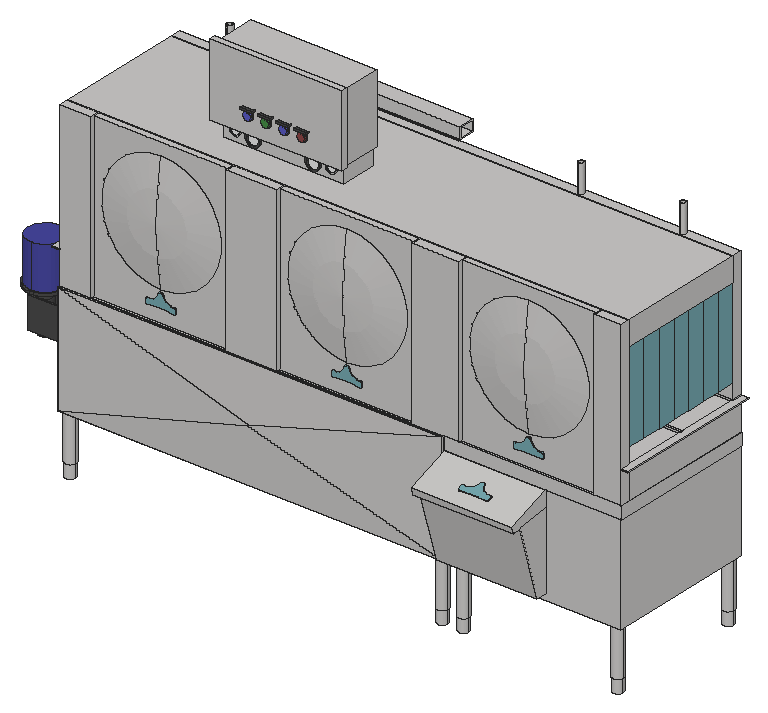
Revit family
Parameters (values of type "208/60/3")
  Width = 7' - 9 1/2"  # constant formula
  Weight in Pounds = 1750
  Watts = 25000 W
  Watermarked By = "http://revitwatermark.com"
  Waste Water Discharge Temperature [instance] = -459.67 °F
  Volts = 208 V
  Ventilation Remarks [instance] = ""
  URL Cutsheet = ""
  URL = "www.stero.com"
  Total Height = 5' - 10 1/2"
  Table Height = 2' - 10"
  Swing Doors [instance] = no
  Status [instance] = ""
  Standard Doors [instance] = not(Swing Doors)  # yes
  Specification by User [instance] = ""
  Specification by Manufacturer = ""
  Single Door Opening [instance] = if(Swing Doors, 2' 0", 1' 10 1/2")  # 1' - 10 1/2"
  Serial Number [instance] = ""
  Seismic Rating [instance] = ""
  SMACNA No [instance] = ""
  Right Ventilation Remarks [instance] = ""
  Right Vent [instance] = no
  Right Exhaust Volume [instance] = if(Right Vent, 200 CFM, 0 CFM)  # 0 CFM
  Right Exhaust Vent Width = 0' - 3 7/8"
  Right Exhaust Vent Text = "Vent, Load End"  # constant formula
  Right Exhaust Vent Depth = 2' - 0 7/8"
  Right Exhaust Static Press = 0.00 in-wg
  Right Exhaust RI Height [instance] = 0' - 0"
  Right Exhaust Item Number [instance] = "-"
  Right Drain [instance] = no
  Revision Code [instance] = ""
  Plumbing Remarks [instance] = ""
  Plumbing Connection Type [instance] = ""
  Phase = 3
  Number of Poles [instance] = 1
  NAFEM Spec ID Number [instance] = ""
  Model = "ER-94S"
  Masterspec = ""
  Manufacturer = "Stero"
  Machine Height = 4' - 7 1/2"
  Left Vent [instance] = no
  Left Drain [instance] = not(Right Drain)  # yes
  Item Number [instance] = "-"
  Installed By [instance] = ""
  Indirect Waste Size = 2"
  Indirect Waste Flow [instance] = 0.00 GPM
  Indirect Waste Connection Type [instance] = ""
  Indirect Waste Connection Height = 0' - 6"
  Hot Water Usage Rack = "- Gal/Rack"
  Hot Water Usage = "120.6 GPH"
  Hot Water Temperature = 180 °F
  Hot Water Size = 3/4"
  Hot Water RI Height [instance] = 0' - 0"
  Hot Water Minimum Pressure = 20.00 psi
  Hot Water Maximum Pressure = 20.00 psi
  Hot Water Flow = 2.01 GPM
  Hot Water Consumption = 2.01 GPM
  Hot Water Connection Height = 5' - 0"
  HP = "5.25"
  Furnished By [instance] = ""
  Foodservice Equipment Identifier [instance] = yes
  FL Amps = 87.4 A
  Exhaust Volume [instance] = if(Left Vent, 400 CFM, 0 CFM)  # 0 CFM
  Exhaust Vent Width = 0' - 3 7/8"
  Exhaust Vent Text = "Vent, Unload End"  # constant formula
  Exhaust Vent Depth = 2' - 0 7/8"
  Exhaust Static Press = 0.00 in-wg
  Exhaust RI Height [instance] = 0' - 0"
  Electrical Remarks [instance] = ""
  Electric Connection Type [instance] = ""
  Elec Conn RI Height [instance] = 0' - 0"
  Elec Conn Connection Height = 5' - 8 1/2"
  Description = "Dishwasher, Conveyor"
  Depth = 2' - 1"
  Cycle = 60 Hz
  Conn Conduit = yes
  Cold Water Temperature Recommended [instance] = -459.67 °F
  Cold Water Size = 3/4"
  Cold Water RI Height [instance] = 0' - 0"
  Cold Water Minimum Pressure [instance] = 0.00 psi
  Cold Water Maximum Pressure [instance] = 0.00 psi
  Cold Water Flow [instance] = 0.00 GPM
  Cold Water Consumption [instance] = ""
  Cold Water Connection Height = 5' - 0"
  CSI MasterFormat = "11 48 13"
  Building Plumbing Remarks [instance] = ""
  Building Hot Water Temperature = 140 °F
  Building Hot Water Size = 3/4"
  Building Hot Water RI Height [instance] = 0' - 0"
  Building Hot Water Minimum Pressure [instance] = 20.00 psi
  Building Hot Water Maximum Pressure [instance] = 20.00 psi
  Building Hot Water Flow [instance] = 0.00 GPM
  Building Hot Water Consumption [instance] = 2.00 GPM
  Building Hot Water Connection Height = 5' - 0"
  Building HW Item Number [instance] = "-"
  Assembly Code = "E1090320"
  Apparent Power = if(Phase = 3, Volts * FL Amps * 1.73, Volts * FL Amps)  # 31450 VA
Reference planes (in)
  plane 1: z = 0
  plane 2 "LEFT": x = 2.32772
  plane 3 "BACK": y = -48.15916
  plane 4 "TOP": z = 70.5
  plane 5 "Right of Main Body": x = 66.32772
  plane 6 "FRONT": y = -73.15916
  plane 7 "Left of Top": x = 2.57772
  plane 8 "Right of Top": x = 66.07772
  plane 9 "Left of Ledge": x = 1.07772
  plane 10 "Left End Cowl": x = -7.67228
  plane 11: x = -0.73478
  plane 12 "Bottom of Machine": z = 10
  plane 13 "Table Height": z = 34
  plane 14 "Top of Machine": z = 55.5
  plane 15 "Panel Top": z = 28.5
  plane 16: z = 12
  plane 17: y = -73.65916
  plane 18: y = -47.65916
  plane 19: x = 2.07772
  plane 20: y = -49.78416
  plane 21: y = -71.53416
  plane 22 "Door Center": x = 34.32772
  plane 23: x = 7.57772
  plane 24: x = 30.07772
  plane 25 "Top of Opening": z = 51.5
  plane 26: z = 2.25
  plane 27: x = 24.32772
  plane 28: x = 44.32772
  plane 29: x = 23.32772
  plane 30: x = 45.32772
  plane 31 "Front of Lower Panel": y = -66.5
  plane 32: y = -60.5
  plane 33: y = -67.15916
  plane 34 "Back of Panel": y = -60.15916
  plane 35 "Front of Upper Panel": y = -68.15916
  plane 36: x = 23.82772
  plane 37: x = 44.82772
  plane 38: x = -7.54728
  plane 39: x = -4.60978
  plane 40: y = -48.22166
  plane 41: y = -73.09666
  plane 42 "Top of Vents": z = 59.5
  plane 43: x = 19.82772
  plane 44: x = 48.82772
  plane 45: y = -45.15916
  plane 46: z = 57.5
  plane 47: y = -43.15916
  plane 48: z = 84.5
  plane 49: x = 38.57772
  plane 50: x = 61.07772
  plane 51: x = 105.82772
  plane 52: x = 98.89022
  plane 53: x = 105.70272
  plane 54: x = 102.76522
  plane 55 "RIGHT": x = 95.82772
  plane 56: x = 95.57772
  plane 57: x = 97.07772
  plane 58: x = 96.07772
  plane 59: x = 68.89022
  plane 60: x = 91.39022
  plane 61 "Drain": y = -51.15916
  plane 62: x = 83.32772
  plane 63: x = 7.82772
  plane 64: x = 29.95272
  plane 65: x = 28.64022
  plane 66: x = 38.70272
  plane 67: x = 40.01522
  plane 68: x = 60.82772
  plane 69: x = 69.01522
  plane 70: x = 70.32772
  plane 71: x = 91.14022
Forms (in)
  Extrusion 1, solid, material "QF_Finishes_Stainless Steel"
    sketch origin (0, 0, 10) x (0, 1, 0) y (-1, 0, 0)
      loop
        line (-47.65916, -2.07772) -> (-73.15916, -2.07772) -> (-73.15916, -66.57772) -> (-47.65916, -66.57772) -> (-47.65916, -2.07772)
    from 0 to 2
  Extrusion 2, solid, material "QF_Finishes_Stainless Steel"
    sketch origin (0, 0, 28.5) x (0, 1, 0) y (-1, 0, 0)
      loop
        line (-48.15916, -2.32772) -> (-73.15916, -2.32772) -> (-73.15916, -66.32772) -> (-48.15916, -66.32772) -> (-48.15916, -2.32772)
    from 0 to -16.5
  Extrusion 3, solid, material "QF_Finishes_Stainless Steel"
    sketch origin (0, 0, 34) x (0, 1, 0) y (-1, 0, 0)
      loop
        line (-48.15916, -2.32772) -> (-48.15916, -1.07772) -> (-73.15916, -1.07772) -> (-73.15916, -2.32772) -> (-48.15916, -2.32772)
    from 0 to -0.125
  Extrusion 4, solid, material "QF_Finishes_Stainless Steel"
    sketch origin (21.5, 0, 34) x (0, 1, 0) y (-1, 0, 0)
      loop
        line (-48.15916, -74.32772) -> (-73.15916, -74.32772) -> (-73.15916, -75.57772) -> (-48.15916, -75.57772) -> (-48.15916, -74.32772)
    from 0 to -0.125
  Extrusion 5, solid, material "QF_Finishes_Stainless Steel"
    sketch origin (0, 0, 34) x (0, 1, 0) y (-1, 0, 0)
      loop
        line (-48.15916, -2.32772) -> (-71.53416, -2.32772) -> (-71.53416, -95.82772) -> (-48.15916, -95.82772) -> (-48.15916, -2.32772)
    from -0.25 to -5.5
  Extrusion 6, solid, material "QF_Finishes_Stainless Steel"
    sketch origin (0, 0, 34) x (0, 1, 0) y (-1, 0, 0)
      loop
        line (-60.25, -2.32772) -> (-60.75, -2.32772) -> (-60.75, -95.82772) -> (-60.25, -95.82772) -> (-60.25, -2.32772)
      loop
        line (-48.15916, -2.32772) -> (-49.78416, -2.32772) -> (-49.78416, -95.82772) -> (-48.15916, -95.82772) -> (-48.15916, -2.32772)
    from 0 to -0.25
  Extrusion 7, solid, material "QF_Finishes_Stainless Steel"
    sketch origin (0, 0, 55.5) x (0, 1, 0) y (-1, 0, 0)
      loop
        line (-49.78416, -2.32772) -> (-71.53416, -2.32772) -> (-71.53416, -95.82772) -> (-49.78416, -95.82772) -> (-49.78416, -2.32772)
    from 0 to -4
  Extrusion 8, solid, material "QF_Finishes_Stainless Steel"
    sketch origin (0, 0, 55.5) x (0, 1, 0) y (-1, 0, 0)
      loop
        line (-48.15916, -2.32772) -> (-49.78416, -2.32772) -> (-49.78416, -95.82772) -> (-48.15916, -95.82772) -> (-48.15916, -2.32772)
    from 0 to -21.5
  Extrusion 9, solid, material "QF_Finishes_Stainless Steel"
    sketch origin (0, -73.15916, 0) x (-1, 0, 0) y (0, 0, 1)
      loop
        line (-2.32772, 55.5) -> (-7.57772, 55.5) -> (-7.57772, 28.5) -> (-2.32772, 28.5) -> (-2.32772, 55.5)
    from 0 to 1.625
  Blend 10, solid, material "QF_Finishes_Stainless Steel"
    base sketch origin (-15.01335, -74, 48) x (-1, 0, 0) y (0, 0, 1)
      loop
        line (-17.34107, -19.5) -> (-81.34107, -19.5) -> (-81.34107, -38) -> (-17.34107, -38) -> (-17.34107, -19.5)
    top sketch origin (-15.01335, -74, 48) x (-1, 0, 0) y (0, 0, 1)
      loop
        line (-49.37232, -28.71875) -> (-49.37232, -28.78125) -> (-49.30982, -28.78125) -> (-49.30982, -28.71875) -> (-49.37232, -28.71875)
    from 0.5 to 0
  Extrusion 11, solid, material "QF_Finishes_Stainless Steel"
    sketch origin (0, 0, 10) x (0, 1, 0) y (-1, 0, 0)
      loop
        line (-73.15916, -2.32772) -> (-73.5, -2.32772) -> (-73.5, -66.32772) -> (-73.15916, -66.32772) -> (-73.15916, -2.32772)
    from 0 to 18.5
  Extrusion 12, solid, material "QF_Finishes_Stainless Steel"
    sketch origin (0, -73.15916, 0) x (-1, 0, 0) y (0, 0, 1)
      loop
        line (-61.07772, 55.5) -> (-68.89022, 55.5) -> (-68.89022, 28.5) -> (-61.07772, 28.5) -> (-61.07772, 55.5)
    from 0 to 1.625
  Extrusion 13, solid, material "QF_Finishes_Stainless Steel", visible <- "Standard Doors"
    sketch origin (-15.5, 0, 55.5) x (0, 1, 0) y (-1, 0, 0)
      loop
        line (-71.53416, -23.07772) -> (-72.65916, -23.07772) -> (-72.65916, -45.57772) -> (-71.53416, -45.57772) -> (-71.53416, -23.07772)
    from 0 to -27
  Extrusion 14, solid, material "QF_Finishes_Stainless Steel"
    sketch origin (0, 0, 0) x (1, 0, 0) y (0, 1, 0)
      loop
        circle (3.32772, -49.15916) r 0.8125
    from 0 to 2.25
  Extrusion 15, solid, material "QF_Finishes_Stainless Steel"
    sketch origin (0, 0, 0) x (1, 0, 0) y (0, 1, 0)
      loop
        circle (3.32772, -49.15916) r 0.9375
    from 2.25 to 10
  Extrusion 16, solid, material "QF_Finishes_Stainless Steel"
    sketch origin (48.65544, 0, 0) x (-1, 0, 0) y (0, -1, 0)
      loop
        circle (-16.67228, 49.15916) r 0.8125
    from 0 to 2.25
  Extrusion 17, solid, material "QF_Finishes_Stainless Steel"
    sketch origin (48.65544, 0, 0) x (-1, 0, 0) y (0, -1, 0)
      loop
        circle (-16.67228, 49.15916) r 0.9375
    from 2.25 to 10
  Extrusion 18, solid, material "QF_Finishes_Stainless Steel"
    sketch origin (0, -121, 0) x (1, 0, 0) y (0, 1, 0)
      loop
        circle (3.32772, 48.84084) r 0.8125
    from 0 to 2.25
  Extrusion 19, solid, material "QF_Finishes_Stainless Steel"
    sketch origin (0, -121, 0) x (1, 0, 0) y (0, 1, 0)
      loop
        circle (3.32772, 48.84084) r 0.9375
    from 2.25 to 10
  Extrusion 20, solid, material "QF_Finishes_Stainless Steel"
    sketch origin (48.65544, -121, 0) x (-1, 0, 0) y (0, -1, 0)
      loop
        circle (-16.67228, -48.84084) r 0.8125
    from 0 to 2.25
  Extrusion 21, solid, material "QF_Finishes_Stainless Steel"
    sketch origin (48.65544, -121, 0) x (-1, 0, 0) y (0, -1, 0)
      loop
        circle (-16.67228, -48.84084) r 0.9375
    from 2.25 to 10
  Extrusion 22, solid, material "QF_Finishes_Light Blue"
    sketch origin (80.5, 0, 51.5) x (0, 1, 0) y (-1, 0, 0)
      loop
        line (-49.78416, -15.32772) -> (-49.78416, -15.07772) -> (-52.78416, -15.07772) -> (-52.78416, -15.32772) -> (-49.78416, -15.32772)
      loop
        line (-52.90916, -15.32772) -> (-52.90916, -15.07772) -> (-55.90916, -15.07772) -> (-55.90916, -15.32772) -> (-52.90916, -15.32772)
      loop
        line (-56.03416, -15.32772) -> (-56.03416, -15.07772) -> (-59.03416, -15.07772) -> (-59.03416, -15.32772) -> (-56.03416, -15.32772)
      loop
        line (-59.15916, -15.32772) -> (-59.15916, -15.07772) -> (-62, -15.07772) -> (-62, -15.32772) -> (-59.15916, -15.32772)
      loop
        line (-62.125, -15.32772) -> (-62.125, -15.07772) -> (-65.125, -15.07772) -> (-65.125, -15.32772) -> (-62.125, -15.32772)
      loop
        line (-65.25, -15.32772) -> (-65.25, -15.07772) -> (-68.40916, -15.07772) -> (-68.40916, -15.32772) -> (-65.25, -15.32772)
      loop
        line (-68.53416, -15.32772) -> (-68.53416, -15.07772) -> (-71.53416, -15.07772) -> (-71.53416, -15.32772) -> (-68.53416, -15.32772)
    from 0 to -15
  Extrusion 23, solid, material "QF_Finishes_Light Blue"
    sketch origin (48.65544, 0, 51.5) x (0, 1, 0) y (-1, 0, 0)
      loop
        line (-49.78416, 46.32772) -> (-52.78416, 46.32772) -> (-52.78416, 46.20272) -> (-49.78416, 46.20272) -> (-49.78416, 46.32772)
      loop
        line (-52.90916, 46.32772) -> (-55.90916, 46.32772) -> (-55.90916, 46.20272) -> (-52.90916, 46.20272) -> (-52.90916, 46.32772)
      loop
        line (-56.03416, 46.32772) -> (-59.03416, 46.32772) -> (-59.03416, 46.20272) -> (-56.03416, 46.20272) -> (-56.03416, 46.32772)
      loop
        line (-59.15916, 46.32772) -> (-62, 46.32772) -> (-62, 46.20272) -> (-59.15916, 46.20272) -> (-59.15916, 46.32772)
      loop
        line (-62.125, 46.32772) -> (-65.125, 46.32772) -> (-65.125, 46.20272) -> (-62.125, 46.20272) -> (-62.125, 46.32772)
      loop
        line (-65.25, 46.32772) -> (-68.40916, 46.32772) -> (-68.40916, 46.20272) -> (-65.25, 46.20272) -> (-65.25, 46.32772)
      loop
        line (-68.53416, 46.32772) -> (-71.53416, 46.32772) -> (-71.53416, 46.20272) -> (-68.53416, 46.20272) -> (-68.53416, 46.32772)
    from 0 to -15
  Extrusion 24, solid, material "QF_Finishes_Stainless Steel"
    sketch origin (0, 0, 55.5) x (0, 1, 0) y (-1, 0, 0)
      loop
        line (-60.5, -24.32772) -> (-66.5, -24.32772) -> (-66.5, -44.32772) -> (-60.5, -44.32772) -> (-60.5, -24.32772)
    from 0 to 3.5
  Extrusion 25, solid, material "QF_Finishes_Stainless Steel"
    sketch origin (0, 0, 55.5) x (0, 1, 0) y (-1, 0, 0)
      loop
        line (-60.15916, -23.82772) -> (-67.15916, -23.82772) -> (-67.15916, -44.82772) -> (-60.15916, -44.82772) -> (-60.15916, -23.82772)
    from 3 to 14.5
  Extrusion 26, solid, material "QF_Finishes_Stainless Steel"
    sketch origin (0, 0, 55.5) x (0, 1, 0) y (-1, 0, 0)
      loop
        line (-67.15916, -23.32772) -> (-68.15916, -23.32772) -> (-68.15916, -45.32772) -> (-67.15916, -45.32772) -> (-67.15916, -23.32772)
    from 3 to 15
  Extrusion 27, solid, material "QF_Finishes_Black"
    sketch origin (0, -66.5, 0) x (-1, 0, 0) y (0, 0, 1)
      loop
        circle (-29.32772, 57) r 1.25
      loop
        circle (-29.32772, 57) r 1
    from 0 to -0.25
  Extrusion 28, solid, material "QF_Finishes_Stainless Steel"
    sketch origin (0, -66.5, 0) x (-1, 0, 0) y (0, 0, 1)
      loop
        circle (-26.32772, 57.25) r 0.75
      loop
        circle (-26.32772, 57.25) r 0.875
    from 0 to -0.125
  Extrusion 29, solid, material "QF_Finishes_White"
    sketch origin (0, -66.5, 0) x (-1, 0, 0) y (0, 0, 1)
      loop
        circle (-26.32772, 57.25) r 0.75
    from 0 to -0.0625
  Extrusion 30, solid, material "QF_Finishes_White"
    sketch origin (0, -66.5, 0) x (-1, 0, 0) y (0, 0, 1)
      loop
        circle (-29.32772, 57) r 1
    from 0 to -0.0625
  Extrusion 31, solid, material "QF_Finishes_Black"
    sketch origin (48.65544, -66.5, 0) x (1, 0, 0) y (0, 0, -1)
      loop
        circle (-9.32772, -57) r 1.25
      loop
        circle (-9.32772, -57) r 1
    from 0 to -0.25
  Extrusion 32, solid, material "QF_Finishes_Stainless Steel"
    sketch origin (48.65544, -66.5, 0) x (1, 0, 0) y (0, 0, -1)
      loop
        circle (-6.32772, -57.25) r 0.75
      loop
        circle (-6.32772, -57.25) r 0.875
    from 0 to -0.125
  Extrusion 33, solid, material "QF_Finishes_White"
    sketch origin (48.65544, -66.5, 0) x (1, 0, 0) y (0, 0, -1)
      loop
        circle (-6.32772, -57.25) r 0.75
    from 0 to -0.0625
  Extrusion 34, solid, material "QF_Finishes_White"
    sketch origin (48.65544, -66.5, 0) x (1, 0, 0) y (0, 0, -1)
      loop
        circle (-9.32772, -57) r 1
    from 0 to -0.0625
  Extrusion 35, solid, material "QF_Finishes_Black"
    sketch origin (0, -68.15916, 0) x (-1, 0, 0) y (0, 0, 1)
      loop
        line (-33.82772, 62.5) -> (-33.82772, 62.25) -> (-31.82772, 62.25) -> (-31.82772, 62.5) -> (-33.82772, 62.5)
      loop
        line (-30.82772, 62.5) -> (-30.82772, 62.25) -> (-28.82772, 62.25) -> (-28.82772, 62.5) -> (-30.82772, 62.5)
      loop
        line (-34.82772, 62.5) -> (-36.82772, 62.5) -> (-36.82772, 62.25) -> (-34.82772, 62.25) -> (-34.82772, 62.5)
      loop
        line (-37.82772, 62.5) -> (-39.82772, 62.5) -> (-39.82772, 62.25) -> (-37.82772, 62.25) -> (-37.82772, 62.5)
    from 0 to -0.5
  Extrusion 36, solid, material "QF_Finishes_Navy Blue"
    sketch origin (0, -68.15916, 0) x (-1, 0, 0) y (0, 0, 1)
      loop
        circle (-29.82772, 61.375) r 0.625
    from -0.125 to -0.375
  Extrusion 37, solid, material "QF_Finishes_LED Green"
    sketch origin (3, -68.15916, 0) x (-1, 0, 0) y (0, 0, 1)
      loop
        circle (-29.82772, 61.375) r 0.625
    from -0.125 to -0.375
  Extrusion 38, solid, material "QF_Finishes_Navy Blue"
    sketch origin (6, -68.15916, 0) x (-1, 0, 0) y (0, 0, 1)
      loop
        circle (-29.82772, 61.375) r 0.625
    from -0.125 to -0.375
  Extrusion 39, solid, material "QF_Finishes_LED Red"
    sketch origin (9, -68.15916, 0) x (-1, 0, 0) y (0, 0, 1)
      loop
        circle (-29.82772, 61.375) r 0.625
    from -0.125 to -0.375
  Extrusion 40, solid, material "QF_Finishes_Black"
    sketch origin (0, -68.15916, 0) x (-1, 0, 0) y (0, 0, 1)
      loop
        arc (-30.57772, 61.375) -> (-29.82772, 60.625) -> (-29.07772, 61.375) r 0.75
        line (-29.07772, 61.375) -> (-29.07772, 62.25) -> (-30.57772, 62.25) -> (-30.57772, 61.375)
      loop
        arc (-33.57772, 61.375) -> (-32.82772, 60.625) -> (-32.07772, 61.375) r 0.75
        line (-32.07772, 61.375) -> (-32.07772, 62.25) -> (-33.57772, 62.25) -> (-33.57772, 61.375)
      loop
        arc (-36.57772, 61.375) -> (-35.82772, 60.625) -> (-35.07772, 61.375) r 0.75
        line (-35.07772, 61.375) -> (-35.07772, 62.25) -> (-36.57772, 62.25) -> (-36.57772, 61.375)
      loop
        arc (-39.57772, 61.375) -> (-38.82772, 60.625) -> (-38.07772, 61.375) r 0.75
        line (-38.07772, 61.375) -> (-38.07772, 62.25) -> (-39.57772, 62.25) -> (-39.57772, 61.375)
    from 0 to -0.125
  Extrusion 41, solid, material "QF_Finishes_Light Blue", visible <- "Standard Doors"
    sketch origin (-15.5, -73.15916, 0) x (-1, 0, 0) y (0, 0, 1)
      loop
        line (-33.71645, 30.65632) -> (-32.08461, 30.57309)
        arc (-32.08461, 30.57309) -> (-31.90443, 30.64773) -> (-31.82979, 30.82792) r 0.25483
        line (-31.82979, 30.82792) -> (-31.82979, 31.31285)
        arc (-31.82979, 31.31285) -> (-31.90343, 31.49062) -> (-32.08121, 31.56426) r 0.25142
        arc (-32.08121, 31.56426) -> (-33.22593, 31.7803) -> (-33.90311, 32.72819) r 1.56264
        arc (-33.90311, 32.72819) -> (-34.31726, 33.06213) -> (-34.74741, 32.74907) r 0.43733
        arc (-34.74741, 32.74907) -> (-35.42049, 31.78611) -> (-36.57423, 31.56426) r 1.56264
        arc (-36.57423, 31.56426) -> (-36.75201, 31.49062) -> (-36.82565, 31.31285) r 0.25142
        line (-36.82565, 31.31285) -> (-36.82565, 30.82792)
        arc (-36.82565, 30.82792) -> (-36.75101, 30.64773) -> (-36.57082, 30.57309) r 0.25483
        line (-36.57082, 30.57309) -> (-34.93898, 30.65632)
        arc (-34.93898, 30.65632) -> (-34.32772, 30.6719) -> (-33.71645, 30.65632) r 12
    from 0.5 to 0.4375
  Extrusion 42, solid, material "QF_Finishes_Stainless Steel", visible <- "Left Vent"
    sketch origin (2.57772, 0, 0) x (0, 1, 0) y (0, 0, 1)
      loop
        line (-73.15916, 55.5) -> (-73.15916, 39.125) -> (-71.53416, 37.5) -> (-71.53416, 37.67678) -> (-73.03416, 39.17678) -> (-73.03416, 55.375) -> (-48.28416, 55.375) -> (-48.28416, 50.61428) -> (-49.78416, 49.11428) -> (-49.78416, 48.9375) -> (-48.15916, 50.5625) -> (-48.15916, 55.5) -> (-73.15916, 55.5)
    from -0.25 to -10.125
  Extrusion 43, solid, material "QF_Finishes_Stainless Steel", visible <- "Left Vent"
    sketch origin (-7.67228, 0, 0) x (0, 1, 0) y (0, 0, 1)
      loop
        line (-71.53416, 37.5) -> (-71.53416, 51.5) -> (-49.78416, 51.5) -> (-49.78416, 48.9375) -> (-48.15916, 50.5625) -> (-48.15916, 55.5) -> (-73.15916, 55.5) -> (-73.15916, 39.125) -> (-71.53416, 37.5)
    from 0 to 0.125
  Extrusion 44, solid, material "QF_Finishes_Stainless Steel", visible <- "Left Vent"
    sketch origin (0, 0, 55.5) x (0, 1, 0) y (-1, 0, 0)
      loop
        line (-48.22166, 4.60978) -> (-73.09666, 4.60978) -> (-73.09666, 0.73478) -> (-48.22166, 0.73478) -> (-48.22166, 4.60978)
      loop
        line (-48.34666, 4.48478) -> (-72.97166, 4.48478) -> (-72.97166, 0.85978) -> (-48.34666, 0.85978) -> (-48.34666, 4.48478)
    from 0 to 4
  Extrusion 45, void
    sketch origin (0, 0, 55.5) x (0, 1, 0) y (-1, 0, 0)
      loop
        line (-48.34666, 4.48478) -> (-72.97166, 4.48478) -> (-72.97166, 0.85978) -> (-48.34666, 0.85978) -> (-48.34666, 4.48478)
    from 0 to -0.125
  Extrusion 46, solid, material "QF_Finishes_Stainless Steel"
    sketch origin (0, 0, 55.5) x (0, 1, 0) y (-1, 0, 0)
      loop
        circle (-48.90916, -11.32772) r 0.375
      loop
        circle (-48.90916, -11.32772) r 0.5
    from 0 to 4.5
  Extrusion 47, solid, material "QF_Finishes_Stainless Steel"
    sketch origin (2.32772, 0, 0) x (0, 1, 0) y (0, 0, 1)
      loop
        line (-45.15916, 57.5) -> (-47.90916, 57.5) -> (-47.90916, 55.5) -> (-45.15916, 55.5) -> (-45.15916, 57.5)
      loop
        line (-45.28416, 57.375) -> (-47.78416, 57.375) -> (-47.78416, 55.625) -> (-45.28416, 55.625) -> (-45.28416, 57.375)
    from 17.5 to 46.5
  Extrusion 48, solid, material "QF_Finishes_Stainless Steel"
    sketch origin (2.32772, 0, 0) x (0, 1, 0) y (0, 0, 1)
      loop
        line (-47.90916, 55.5) -> (-47.90916, 55.625) -> (-48.15916, 55.625) -> (-48.15916, 55.5) -> (-47.90916, 55.5)
    from 17.5 to 46.5
  Extrusion 49, solid, material "QF_Finishes_Stainless Steel"
    sketch origin (0, -60.15916, 0) x (-1, 0, 0) y (0, 0, 1)
      loop
        circle (-44.32772, 68.5) r 0.25
    from 0 to 0.0625
  Extrusion 50, solid, material "QF_Finishes_Stainless Steel"
    sketch origin (0, 0, 10) x (0, 1, 0) y (-1, 0, 0)
      loop
        circle (-51.15916, -7.32772) r 1
      loop
        circle (-51.15916, -7.32772) r 1.125
    from 0 to -4
  Extrusion 51, solid, material "QF_Finishes_Clearance", detail levels coarse
    sketch origin (0, 0, 0) x (1, 0, 0) y (0, 1, 0)
      loop
        line (1.07772, -47.65916) -> (19.82772, -47.65916) -> (19.82772, -45.15916) -> (48.82772, -45.15916) -> (48.82772, -47.65916) -> (97.07772, -47.65916) -> (97.07772, -43.15916) -> (1.07772, -43.15916) -> (1.07772, -47.65916)
    from 0 to 70.5
  Extrusion 52, solid, material "QF_Finishes_Clearance", visible <- "Standard Doors", detail levels coarse
    sketch origin (-15.5, -73.15916, 0) x (-1, 0, 0) y (0, 0, 1)
      loop
        line (-23.07772, 84.5) -> (-45.57772, 84.5) -> (-45.57772, 55.5) -> (-23.07772, 55.5) -> (-23.07772, 84.5)
    from 0 to 1.625
  Extrusion 53, solid, material "QF_Finishes_Clearance", visible <- "Left Vent", detail levels coarse
    sketch origin (0, 0, 0) x (1, 0, 0) y (0, 1, 0)
      loop
        line (-7.67228, -43.15916) -> (-7.67228, -47.65916) -> (1.07772, -47.65916) -> (1.07772, -43.15916) -> (-7.67228, -43.15916)
    from 0 to 70.5
  Revolve 54, solid, material "QF_Finishes_Stainless Steel", visible <- "Standard Doors"
    sketch origin (18.82772, 0, 0) x (0, 1, 0) y (0, 0, 1)
      loop
        line (-72.65916, 43.5) -> (-72.65916, 53.5)
        arc (-72.65916, 53.5) -> (-73.42159, 48.52624) -> (-73.65916, 43.5) r 48
        line (-73.65916, 43.5) -> (-72.65916, 43.5)
      axis (-72.65916, 43.5) -> (-73.65916, 43.5)
    angle from 0 to 360
  Extrusion 55, solid, material "QF_Finishes_Stainless Steel", visible <- "Standard Doors"
    sketch origin (14.5, 0, 55.5) x (0, 1, 0) y (-1, 0, 0)
      loop
        line (-71.53416, -24.07772) -> (-72.65916, -24.07772) -> (-72.65916, -46.57772) -> (-71.53416, -46.57772) -> (-71.53416, -24.07772)
    from 0 to -27
  Extrusion 56, solid, material "QF_Finishes_Light Blue", visible <- "Standard Doors"
    sketch origin (15.5, -73.15916, 0) x (-1, 0, 0) y (0, 0, 1)
      loop
        line (-33.71645, 30.65632) -> (-32.08461, 30.57309)
        arc (-32.08461, 30.57309) -> (-31.90443, 30.64773) -> (-31.82979, 30.82792) r 0.25483
        line (-31.82979, 30.82792) -> (-31.82979, 31.31285)
        arc (-31.82979, 31.31285) -> (-31.90343, 31.49062) -> (-32.08121, 31.56426) r 0.25142
        arc (-32.08121, 31.56426) -> (-33.22593, 31.7803) -> (-33.90311, 32.72819) r 1.56264
        arc (-33.90311, 32.72819) -> (-34.31726, 33.06213) -> (-34.74741, 32.74907) r 0.43733
        arc (-34.74741, 32.74907) -> (-35.42049, 31.78611) -> (-36.57423, 31.56426) r 1.56264
        arc (-36.57423, 31.56426) -> (-36.75201, 31.49062) -> (-36.82565, 31.31285) r 0.25142
        line (-36.82565, 31.31285) -> (-36.82565, 30.82792)
        arc (-36.82565, 30.82792) -> (-36.75101, 30.64773) -> (-36.57082, 30.57309) r 0.25483
        line (-36.57082, 30.57309) -> (-34.93898, 30.65632)
        arc (-34.93898, 30.65632) -> (-34.32772, 30.6719) -> (-33.71645, 30.65632) r 12
    from 0.5 to 0.4375
  Extrusion 57, solid, material "QF_Finishes_Clearance", visible <- "Standard Doors", detail levels coarse
    sketch origin (14.5, -73.15916, 0) x (-1, 0, 0) y (0, 0, 1)
      loop
        line (-24.07772, 84.5) -> (-46.57772, 84.5) -> (-46.57772, 55.5) -> (-24.07772, 55.5) -> (-24.07772, 84.5)
    from 0 to 1.625
  Revolve 58, solid, material "QF_Finishes_Stainless Steel", visible <- "Standard Doors"
    sketch origin (49.82772, 0, 0) x (0, 1, 0) y (0, 0, 1)
      loop
        line (-72.65916, 43.5) -> (-72.65916, 53.5)
        arc (-72.65916, 53.5) -> (-73.42159, 48.52624) -> (-73.65916, 43.5) r 48
        line (-73.65916, 43.5) -> (-72.65916, 43.5)
      axis (-72.65916, 43.5) -> (-73.65916, 43.5)
    angle from 0 to 360
  Extrusion 59, solid, material "QF_Finishes_Stainless Steel"
    sketch origin (-29, -73.15916, 0) x (-1, 0, 0) y (0, 0, 1)
      loop
        line (-59.07772, 55.5) -> (-67.57772, 55.5) -> (-67.57772, 28.5) -> (-59.07772, 28.5) -> (-59.07772, 55.5)
    from 0 to 1.625
  Extrusion 60, solid, material "QF_Finishes_Stainless Steel"
    sketch origin (-44, 0, 55.5) x (0, 1, 0) y (-1, 0, 0)
      loop
        circle (-48.90916, -113.82772) r 0.375
      loop
        circle (-48.90916, -113.82772) r 0.5
    from 0 to 4.5
  Extrusion 61, solid, material "QF_Finishes_Stainless Steel"
    sketch origin (55, -1, 10) x (0, 1, 0) y (-1, 0, 0)
      loop
        circle (-50.15916, -19.82772) r 1
      loop
        circle (-50.15916, -19.82772) r 1.125
    from 0 to -4
  Extrusion 62, solid, material "QF_Finishes_Stainless Steel", visible <- "Right Drain"
    sketch origin (0, 0, 0) x (1, 0, 0) y (0, 1, 0)
      loop
        circle (7.32772, -51.15916) r 1
    from 6 to 6.25
  Extrusion 63, solid, material "QF_Finishes_Stainless Steel", visible <- "Left Drain"
    sketch origin (0, -1, 0) x (1, 0, 0) y (0, 1, 0)
      loop
        circle (74.82772, -50.15916) r 1
    from 6 to 6.25
  Extrusion 64, solid, material "QF_Finishes_Black"
    sketch origin (68.65544, -73, 0) x (1, 0, 0) y (0, 0, -1)
      loop
        line (-66.57772, -12) -> (-66.57772, -10.9375) -> (-67.70272, -10.9375) -> (-67.70272, -23.9375) -> (-66.32772, -23.9375) -> (-66.32772, -12) -> (-66.57772, -12)
    from 1.8125 to 7.8125
  Extrusion 65, solid, material "QF_Finishes_Black"
    sketch origin (68.65544, 0, 10) x (0, 1, 0) y (-1, 0, 0)
      loop
        arc (-67.03416, 72.57772) -> (-68.34666, 71.26522) -> (-69.65916, 72.57772) r 1.3125
        line (-69.65916, 72.57772) -> (-69.65916, 67.95272) -> (-67.03416, 67.95272) -> (-67.03416, 72.57772)
      loop
        line (-69.90916, 74.20272) -> (-69.90916, 67.70272) -> (-66.625, 67.70272) -> (-66.625, 74.20272) -> (-69.90916, 74.20272)
    from 7.6875 to 12.9375
  Extrusion 66, solid, material "QF_Finishes_Black"
    sketch origin (68.65544, 0, 10) x (0, 1, 0) y (-1, 0, 0)
      loop
        circle (-68.34666, 72.57772) r 1.0625
    from 7.1875 to 7.6875
  Extrusion 67, solid, material "QF_Finishes_Black"
    sketch origin (68.65544, 0, 10) x (0, 1, 0) y (-1, 0, 0)
      loop
        circle (-68.34666, 72.57772) r 1.3125
    from 12.9375 to 13.4375
  Blend 68, solid, material "QF_Finishes_Black"
    base sketch origin (68.65544, 0, 10) x (0, 1, 0) y (-1, 0, 0)
      loop
        circle (-68.34666, 72.57772) r 1.3125
    top sketch origin (68.65544, 0, 10) x (0, 1, 0) y (-1, 0, 0)
      loop
        circle (-68.34666, 72.57772) r 2.0625
    from 13.4375 to 14.4375
  Extrusion 69, solid, material "QF_Finishes_Black"
    sketch origin (68.65544, 0, 10) x (0, 1, 0) y (-1, 0, 0)
      loop
        circle (-68.34666, 72.57772) r 3.25
    from 14.4375 to 14.8125
  Extrusion 70, solid, material "QF_Finishes_Blue"
    sketch origin (68.65544, 0, 10) x (0, 1, 0) y (-1, 0, 0)
      loop
        circle (-68.34666, 72.57772) r 2.875
    from 14.8125 to 21.9375
  Extrusion 71, solid, material "QF_Finishes_Black"
    sketch origin (68.65544, -73, 0) x (1, 0, 0) y (0, 0, -1)
      loop
        line (-66.32772, -33.1875) -> (-66.32772, -31.6875) -> (-71.82772, -31.6875) -> (-71.82772, -33.1875) -> (-66.32772, -33.1875)
      loop
        circle (-70.57772, -32.4375) r 0.375
    from 12.3125 to 12.6875
  Extrusion 72, solid, material "QF_Finishes_Black"
    sketch origin (68.65544, -73, 0) x (1, 0, 0) y (0, 0, -1)
      loop
        line (-66.32772, -12) -> (-66.57772, -12) -> (-66.57772, -8.4375) -> (-69.07772, -8.4375) -> (-69.07772, -12.4375) -> (-66.32772, -12.4375) -> (-66.32772, -12)
    from 7 to 18
  Extrusion 73, solid, material "QF_Finishes_Black"
    sketch origin (68.65544, -73, 0) x (1, 0, 0) y (0, 0, -1)
      loop
        line (-69.07772, -12.125) -> (-69.07772, -8.75) -> (-69.32772, -8.75)
        arc (-69.32772, -8.75) -> (-69.5045, -8.82322) -> (-69.57772, -9) r 0.25
        line (-69.57772, -9) -> (-69.57772, -9.3125)
        arc (-69.57772, -9.3125) -> (-69.68755, -9.57767) -> (-69.95272, -9.6875) r 0.375
        line (-69.95272, -9.6875) -> (-70.57772, -9.6875)
        arc (-70.57772, -9.6875) -> (-71.32772, -10.4375) -> (-70.57772, -11.1875) r 0.75
        line (-70.57772, -11.1875) -> (-69.95272, -11.1875)
        arc (-69.95272, -11.1875) -> (-69.68755, -11.29733) -> (-69.57772, -11.5625) r 0.375
        line (-69.57772, -11.5625) -> (-69.57772, -11.875)
        arc (-69.57772, -11.875) -> (-69.5045, -12.05178) -> (-69.32772, -12.125) r 0.25
        line (-69.32772, -12.125) -> (-69.07772, -12.125)
      loop
        circle (-70.57772, -10.4375) r 0.5
    from 9.375 to 9.5
  Extrusion 74, solid, material "QF_Finishes_Black"
    sketch origin (68.65544, -66.875, 0) x (1, 0, 0) y (0, 0, -1)
      loop
        line (-69.07772, -12.125) -> (-69.07772, -8.75) -> (-69.32772, -8.75)
        arc (-69.32772, -8.75) -> (-69.5045, -8.82322) -> (-69.57772, -9) r 0.25
        line (-69.57772, -9) -> (-69.57772, -9.3125)
        arc (-69.57772, -9.3125) -> (-69.68755, -9.57767) -> (-69.95272, -9.6875) r 0.375
        line (-69.95272, -9.6875) -> (-70.57772, -9.6875)
        arc (-70.57772, -9.6875) -> (-71.32772, -10.4375) -> (-70.57772, -11.1875) r 0.75
        line (-70.57772, -11.1875) -> (-69.95272, -11.1875)
        arc (-69.95272, -11.1875) -> (-69.68755, -11.29733) -> (-69.57772, -11.5625) r 0.375
        line (-69.57772, -11.5625) -> (-69.57772, -11.875)
        arc (-69.57772, -11.875) -> (-69.5045, -12.05178) -> (-69.32772, -12.125) r 0.25
        line (-69.32772, -12.125) -> (-69.07772, -12.125)
      loop
        circle (-70.57772, -10.4375) r 0.5
    from 9.375 to 9.5
  Extrusion 75, solid, material "QF_Finishes_Stainless Steel"
    sketch origin (68.65544, -73, 0) x (1, 0, 0) y (0, 0, -1)
      loop
        circle (-70.57772, -32.4375) r 0.375
      loop
        arc (-71.31584, -32.57045) -> (-70.57772, -33.1875) -> (-69.8396, -32.57045) r 0.75
        line (-69.8396, -32.57045) -> (-69.14022, -28.6875) -> (-72.01522, -28.6875) -> (-71.31584, -32.57045)
    from 11.25 to 11.375
  Extrusion 76, solid, material "QF_Finishes_Stainless Steel"
    sketch origin (68.65544, -48, 0) x (1, 0, 0) y (0, 0, 1)
      loop
        circle (-70.57772, 32.4375) r 0.375
      loop
        line (-71.31584, 32.57045) -> (-72.01522, 28.6875) -> (-69.14022, 28.6875) -> (-69.8396, 32.57045)
        arc (-69.8396, 32.57045) -> (-70.57772, 33.1875) -> (-71.31584, 32.57045) r 0.75
    from 11.25 to 11.375
  Extrusion 77, solid, material "QF_Finishes_Stainless Steel"
    sketch origin (68.65544, -73, 0) x (1, 0, 0) y (0, 0, -1)
      loop
        circle (-70.57772, -32.4375) r 0.375
    from 10.75 to 14.25
  Blend 78, solid, material "QF_Finishes_Stainless Steel"
    base sketch origin (68.65544, 0, 34) x (0, 1, 0) y (-1, 0, 0)
      loop
        line (-58.40916, 67.89022) -> (-58.40916, 73.01522) -> (-62.75, 73.01522) -> (-62.75, 67.89022) -> (-58.40916, 67.89022)
    top sketch origin (68.65544, 0, 34) x (0, 1, 0) y (-1, 0, 0)
      loop
        line (-59.40916, 69.14022) -> (-59.40916, 72.01522) -> (-61.75, 72.01522) -> (-61.75, 69.14022) -> (-59.40916, 69.14022)
    from -14.0625 to -5.3125
  Blend 79, solid, material "QF_Finishes_Stainless Steel"
    base sketch origin (68.65544, 0, 25.25) x (0, 1, 0) y (-1, 0, 0)
      loop
        line (-57.65916, 67.14022) -> (-57.65916, 73.76522) -> (-63.5, 73.76522) -> (-63.5, 67.14022) -> (-57.65916, 67.14022)
    top sketch origin (68.65544, 0, 25.25) x (0, 1, 0) y (-1, 0, 0)
      loop
        line (-58.65916, 68.14022) -> (-58.65916, 72.76522) -> (-62.5, 72.76522) -> (-62.5, 68.14022) -> (-58.65916, 68.14022)
    from -15.5625 to -5.3125
  Extrusion 80, solid, material "QF_Finishes_Stainless Steel"
    sketch origin (68.65544, -73, -22) x (1, 0, 0) y (0, 0, -1)
      loop
        circle (-70.57772, -32.4375) r 0.5
    from 9 to 16
  Extrusion 81, solid, material "QF_Finishes_Stainless Steel", visible <- "Right Vent"
    sketch origin (87.82772, 0, 0) x (0, -1, 0) y (0, 0, 1)
      loop
        line (73.15916, 55.5) -> (48.15916, 55.5) -> (48.15916, 50.5625) -> (49.78416, 48.9375) -> (49.78416, 49.11428) -> (48.28416, 50.61428) -> (48.28416, 55.375) -> (73.03416, 55.375) -> (73.03416, 39.17678) -> (71.53416, 37.67678) -> (71.53416, 37.5) -> (73.15916, 39.125) -> (73.15916, 55.5)
    from -8 to -17.875
  Extrusion 82, solid, material "QF_Finishes_Stainless Steel", visible <- "Right Vent"
    sketch origin (105.82772, 0, 0) x (0, 1, 0) y (0, 0, 1)
      loop
        line (-71.53416, 37.5) -> (-71.53416, 51.5) -> (-49.78416, 51.5) -> (-49.78416, 48.9375) -> (-48.15916, 50.5625) -> (-48.15916, 55.5) -> (-73.15916, 55.5) -> (-73.15916, 39.125) -> (-71.53416, 37.5)
    from 0 to -0.125
  Extrusion 83, solid, material "QF_Finishes_Stainless Steel", visible <- "Right Vent"
    sketch origin (70.40544, 0, 55.5) x (0, 1, 0) y (-1, 0, 0)
      loop
        line (-48.22166, -32.35978) -> (-48.22166, -28.48478) -> (-73.09666, -28.48478) -> (-73.09666, -32.35978) -> (-48.22166, -32.35978)
      loop
        line (-48.34666, -32.23478) -> (-48.34666, -28.60978) -> (-72.97166, -28.60978) -> (-72.97166, -32.23478) -> (-48.34666, -32.23478)
    from 0 to 4
  Extrusion 84, solid, material "QF_Finishes_Clearance", visible <- "Right Vent", detail levels coarse
    sketch origin (21.75, 0, 0) x (1, 0, 0) y (0, 1, 0)
      loop
        line (75.32772, -43.15916) -> (75.32772, -47.65916) -> (84.07772, -47.65916) -> (84.07772, -43.15916) -> (75.32772, -43.15916)
    from 0 to 70.5
  Extrusion 85, solid, material "QF_Finishes_Stainless Steel"
    sketch origin (58.25, -0.15916, 26.5) x (0, 1, 0) y (-1, 0, 0)
      loop
        line (-48, -8.07772) -> (-73, -8.07772) -> (-73, -37.82772) -> (-48, -37.82772) -> (-48, -8.07772)
    from 0 to 2
  Extrusion 86, solid, material "QF_Finishes_Stainless Steel", visible <- "Standard Doors"
    sketch origin (139.59294, -0.15916, 55.5) x (0, 1, 0) y (-1, 0, 0)
      loop
        line (-71.375, 48.20272) -> (-71.375, 70.70272) -> (-72.5, 70.70272) -> (-72.5, 48.20272) -> (-71.375, 48.20272)
    from 0 to -27
  Extrusion 87, solid, material "QF_Finishes_Light Blue", visible <- "Standard Doors"
    sketch origin (142.70748, -73.22166, 0) x (1, 0, 0) y (0, 0, -1)
      loop
        arc (-61.96645, -30.65632) -> (-62.57772, -30.6719) -> (-63.18898, -30.65632) r 12
        line (-63.18898, -30.65632) -> (-64.82082, -30.57309)
        arc (-64.82082, -30.57309) -> (-65.00101, -30.64773) -> (-65.07565, -30.82792) r 0.25483
        line (-65.07565, -30.82792) -> (-65.07565, -31.31285)
        arc (-65.07565, -31.31285) -> (-65.00201, -31.49062) -> (-64.82423, -31.56426) r 0.25142
        arc (-64.82423, -31.56426) -> (-63.67049, -31.78611) -> (-62.99741, -32.74907) r 1.56264
        arc (-62.99741, -32.74907) -> (-62.56726, -33.06213) -> (-62.15311, -32.72819) r 0.43733
        arc (-62.15311, -32.72819) -> (-61.47593, -31.7803) -> (-60.33121, -31.56426) r 1.56264
        arc (-60.33121, -31.56426) -> (-60.15343, -31.49062) -> (-60.07979, -31.31285) r 0.25142
        line (-60.07979, -31.31285) -> (-60.07979, -30.82792)
        arc (-60.07979, -30.82792) -> (-60.15443, -30.64773) -> (-60.33461, -30.57309) r 0.25483
        line (-60.33461, -30.57309) -> (-61.96645, -30.65632)
    from 0.5 to 0.4375
  Extrusion 88, solid, material "QF_Finishes_Clearance", visible <- "Standard Doors", detail levels coarse
    sketch origin (139.59294, -73.15916, 0) x (1, 0, 0) y (0, 0, -1)
      loop
        line (-48.20272, -84.5) -> (-48.20272, -55.5) -> (-70.70272, -55.5) -> (-70.70272, -84.5) -> (-48.20272, -84.5)
    from 0.5 to 1.625
  Extrusion 89, solid, material "QF_Finishes_Stainless Steel"
    sketch origin (106.90544, -73.15916, 0) x (1, 0, 0) y (0, 0, -1)
      loop
        line (-11.07772, -26.5) -> (-11.07772, -10) -> (-40.32772, -10) -> (-40.32772, -26.5) -> (-11.07772, -26.5)
    from 0 to 25
  Extrusion 90, solid, material "QF_Finishes_Stainless Steel"
    sketch origin (79.26522, -0.15916, 0) x (0, 1, 0) y (0, 0, -1)
      loop
        line (-73, -10.9375) -> (-74.8125, -10.9375) -> (-78.50369, -23.01085) -> (-73, -23.75) -> (-73, -10.9375)
    from -4.0625 to 12.6875
  Extrusion 91, solid, material "QF_Finishes_Stainless Steel"
    sketch origin (79.26522, -0.15916, 0) x (0, 1, 0) y (0, 0, -1)
      loop
        line (-73, -23.75) -> (-79.75188, -22.84321) -> (-80, -23.88971) -> (-73, -26.4375) -> (-73, -23.75)
    from -4.0625 to 12.6875
  Extrusion 92, solid, material "QF_Finishes_Light Blue"
    sketch origin (135.49919, -106.80812, 14.72237) x (1, 0, 0) y (0, -0.939693, -0.34202)
      loop
        arc (-59.93485, -30.65632) -> (-60.54612, -30.6719) -> (-61.15738, -30.65632) r 12
        line (-61.15738, -30.65632) -> (-62.78922, -30.57309)
        arc (-62.78922, -30.57309) -> (-62.96941, -30.64773) -> (-63.04405, -30.82792) r 0.25483
        line (-63.04405, -30.82792) -> (-63.04405, -31.31285)
        arc (-63.04405, -31.31285) -> (-62.97041, -31.49062) -> (-62.79263, -31.56426) r 0.25142
        arc (-62.79263, -31.56426) -> (-61.63889, -31.78611) -> (-60.96581, -32.74907) r 1.56264
        arc (-60.96581, -32.74907) -> (-60.53566, -33.06213) -> (-60.12151, -32.72819) r 0.43733
        arc (-60.12151, -32.72819) -> (-59.44433, -31.7803) -> (-58.2996, -31.56426) r 1.56264
        arc (-58.2996, -31.56426) -> (-58.12183, -31.49062) -> (-58.04819, -31.31285) r 0.25142
        line (-58.04819, -31.31285) -> (-58.04819, -30.82792)
        arc (-58.04819, -30.82792) -> (-58.12283, -30.64773) -> (-58.30301, -30.57309) r 0.25483
        line (-58.30301, -30.57309) -> (-59.93485, -30.65632)
    from 0.5 to 0.4375
  Sweep 93, solid, material "QF_Finishes_Stainless Steel"
    path origin (68.65544, -51.15916, 0) x (1, 0, 0) y (0, 0, 1)
      loop
        line (-61.26522, 8.5) -> (8.73478, 8.5)
        arc (8.73478, 8.5) -> (10.149, 9.08579) -> (10.73478, 10.5) r 2
        line (10.73478, 10.5) -> (10.73478, 10.9375)
    profile origin (42.39022, -51.15916, 8.5) x (0, 0, -1) y (0, 1, 0)
      loop
        circle (0, 0) r 1
      loop
        circle (0, 0) r 1.125
  Extrusion 94, solid, material "QF_Finishes_Stainless Steel"
    sketch origin (125.84294, -73.15916, 0) x (1, 0, 0) y (0, 0, -1)
      loop
        line (-30.01522, -55.5) -> (-30.01522, -28.5) -> (-34.45272, -28.5) -> (-34.45272, -55.5) -> (-30.01522, -55.5)
    from 0 to 1.625
  Extrusion 95, void
    sketch origin (0, 0, 55.5) x (0, 1, 0) y (-1, 0, 0)
      loop
        line (-48.34666, -102.64022) -> (-48.34666, -99.01522) -> (-72.97166, -99.01522) -> (-72.97166, -102.64022) -> (-48.34666, -102.64022)
    from 0 to -0.125
  Extrusion 96, solid, material "QF_Finishes_Stainless Steel"
    sketch origin (70, 0, 55.5) x (0, 1, 0) y (-1, 0, 0)
      loop
        circle (-48.90916, -16.82772) r 0.375
      loop
        circle (-48.90916, -16.82772) r 0.5
    from 0 to 4.5
  Revolve 97, solid, material "QF_Finishes_Stainless Steel", visible <- "Standard Doors"
    sketch origin (80.14022, 0, 0) x (0, 1, 0) y (0, 0, 1)
      loop
        line (-72.65916, 43.5) -> (-72.65916, 53.5)
        arc (-72.65916, 53.5) -> (-73.42159, 48.52624) -> (-73.65916, 43.5) r 48
        line (-73.65916, 43.5) -> (-72.65916, 43.5)
      axis (-72.65916, 43.5) -> (-73.65916, 43.5)
    angle from 0 to 360
  Extrusion 98, solid, material "QF_Finishes_Stainless Steel"
    sketch origin (50.65544, 0, 0) x (-1, 0, 0) y (0, -1, 0)
      loop
        circle (-18.17228, 49.15916) r 0.8125
    from 0 to 2.25
  Extrusion 99, solid, material "QF_Finishes_Stainless Steel"
    sketch origin (50.65544, 0, 0) x (-1, 0, 0) y (0, -1, 0)
      loop
        circle (-18.17228, 49.15916) r 0.9375
    from 2.25 to 10
  Extrusion 100, solid, material "QF_Finishes_Stainless Steel"
    sketch origin (50.65544, -121, 0) x (-1, 0, 0) y (0, -1, 0)
      loop
        circle (-18.17228, -48.84084) r 0.8125
    from 0 to 2.25
  Extrusion 101, solid, material "QF_Finishes_Stainless Steel"
    sketch origin (50.65544, -121, 0) x (-1, 0, 0) y (0, -1, 0)
      loop
        circle (-18.17228, -48.84084) r 0.9375
    from 2.25 to 10
  Extrusion 102, solid, material "QF_Finishes_Stainless Steel"
    sketch origin (77.90544, 0, 0) x (-1, 0, 0) y (0, -1, 0)
      loop
        circle (-16.67228, 49.15916) r 0.8125
    from 0 to 2.25
  Extrusion 103, solid, material "QF_Finishes_Stainless Steel"
    sketch origin (77.90544, 0, 0) x (-1, 0, 0) y (0, -1, 0)
      loop
        circle (-16.67228, 49.15916) r 0.9375
    from 2.25 to 10
  Extrusion 104, solid, material "QF_Finishes_Stainless Steel"
    sketch origin (77.90544, -121, 0) x (-1, 0, 0) y (0, -1, 0)
      loop
        circle (-16.67228, -48.84084) r 0.8125
    from 0 to 2.25
  Extrusion 105, solid, material "QF_Finishes_Stainless Steel"
    sketch origin (77.90544, -121, 0) x (-1, 0, 0) y (0, -1, 0)
      loop
        circle (-16.67228, -48.84084) r 0.9375
    from 2.25 to 10
  Extrusion 106, solid, material "QF_Finishes_Stainless Steel", not visible
    sketch origin (79.26522, -0.15916, 0) x (0, 1, 0) y (0, 0, -1)
      loop
        line (-73, -10.9375) -> (-74.8125, -10.9375) -> (-78.50369, -23.01085) -> (-73, -23.75) -> (-73, -10.9375)
    from -4.0625 to 12.6875
  Extrusion 107, solid, material "QF_Finishes_Stainless Steel", not visible
    sketch origin (79.26522, -0.15916, 0) x (0, 1, 0) y (0, 0, -1)
      loop
        line (-73, -23.75) -> (-79.75188, -22.84321) -> (-80, -23.88971) -> (-73, -26.4375) -> (-73, -23.75)
    from -4.0625 to 12.6875
  Extrusion 108, solid, material "QF_Finishes_Light Blue", not visible
    sketch origin (135.49919, -106.80812, 14.72237) x (1, 0, 0) y (0, -0.939693, -0.34202)
      loop
        arc (-59.93485, -30.65632) -> (-60.54612, -30.6719) -> (-61.15738, -30.65632) r 12
        line (-61.15738, -30.65632) -> (-62.78922, -30.57309)
        arc (-62.78922, -30.57309) -> (-62.96941, -30.64773) -> (-63.04405, -30.82792) r 0.25483
        line (-63.04405, -30.82792) -> (-63.04405, -31.31285)
        arc (-63.04405, -31.31285) -> (-62.97041, -31.49062) -> (-62.79263, -31.56426) r 0.25142
        arc (-62.79263, -31.56426) -> (-61.63889, -31.78611) -> (-60.96581, -32.74907) r 1.56264
        arc (-60.96581, -32.74907) -> (-60.53566, -33.06213) -> (-60.12151, -32.72819) r 0.43733
        arc (-60.12151, -32.72819) -> (-59.44433, -31.7803) -> (-58.2996, -31.56426) r 1.56264
        arc (-58.2996, -31.56426) -> (-58.12183, -31.49062) -> (-58.04819, -31.31285) r 0.25142
        line (-58.04819, -31.31285) -> (-58.04819, -30.82792)
        arc (-58.04819, -30.82792) -> (-58.12283, -30.64773) -> (-58.30301, -30.57309) r 0.25483
        line (-58.30301, -30.57309) -> (-59.93485, -30.65632)
    from 0.5 to 0.4375
  Extrusion 109, solid, material "QF_Finishes_Black", not visible
    sketch origin (0, -68.15916, 0) x (-1, 0, 0) y (0, 0, 1)
      loop
        line (-33.82772, 62.5) -> (-33.82772, 62.25) -> (-31.82772, 62.25) -> (-31.82772, 62.5) -> (-33.82772, 62.5)
      loop
        line (-30.82772, 62.5) -> (-30.82772, 62.25) -> (-28.82772, 62.25) -> (-28.82772, 62.5) -> (-30.82772, 62.5)
      loop
        line (-34.82772, 62.5) -> (-36.82772, 62.5) -> (-36.82772, 62.25) -> (-34.82772, 62.25) -> (-34.82772, 62.5)
      loop
        line (-37.82772, 62.5) -> (-39.82772, 62.5) -> (-39.82772, 62.25) -> (-37.82772, 62.25) -> (-37.82772, 62.5)
    from 0 to -0.5
  Extrusion 110, solid, material "QF_Finishes_Navy Blue", not visible
    sketch origin (0, -68.15916, 0) x (-1, 0, 0) y (0, 0, 1)
      loop
        circle (-29.82772, 61.375) r 0.625
    from -0.125 to -0.375
  Extrusion 111, solid, material "QF_Finishes_LED Green", not visible
    sketch origin (3, -68.15916, 0) x (-1, 0, 0) y (0, 0, 1)
      loop
        circle (-29.82772, 61.375) r 0.625
    from -0.125 to -0.375
  Extrusion 112, solid, material "QF_Finishes_Navy Blue", not visible
    sketch origin (6, -68.15916, 0) x (-1, 0, 0) y (0, 0, 1)
      loop
        circle (-29.82772, 61.375) r 0.625
    from -0.125 to -0.375
  Extrusion 113, solid, material "QF_Finishes_LED Red", not visible
    sketch origin (9, -68.15916, 0) x (-1, 0, 0) y (0, 0, 1)
      loop
        circle (-29.82772, 61.375) r 0.625
    from -0.125 to -0.375
  Extrusion 114, solid, material "QF_Finishes_Black", not visible
    sketch origin (0, -68.15916, 0) x (-1, 0, 0) y (0, 0, 1)
      loop
        arc (-30.57772, 61.375) -> (-29.82772, 60.625) -> (-29.07772, 61.375) r 0.75
        line (-29.07772, 61.375) -> (-29.07772, 62.25) -> (-30.57772, 62.25) -> (-30.57772, 61.375)
      loop
        arc (-33.57772, 61.375) -> (-32.82772, 60.625) -> (-32.07772, 61.375) r 0.75
        line (-32.07772, 61.375) -> (-32.07772, 62.25) -> (-33.57772, 62.25) -> (-33.57772, 61.375)
      loop
        arc (-36.57772, 61.375) -> (-35.82772, 60.625) -> (-35.07772, 61.375) r 0.75
        line (-35.07772, 61.375) -> (-35.07772, 62.25) -> (-36.57772, 62.25) -> (-36.57772, 61.375)
      loop
        arc (-39.57772, 61.375) -> (-38.82772, 60.625) -> (-38.07772, 61.375) r 0.75
        line (-38.07772, 61.375) -> (-38.07772, 62.25) -> (-39.57772, 62.25) -> (-39.57772, 61.375)
    from 0 to -0.125
  Extrusion 115, solid, material "QF_Finishes_Stainless Steel", visible <- "Swing Doors"
    sketch origin (0, 0, 55.5) x (0, 1, 0) y (-1, 0, 0)
      loop
        line (-71.53416, -7.82772) -> (-73.15916, -7.82772) -> (-73.15916, -29.95272) -> (-71.53416, -29.95272) -> (-71.53416, -7.82772)
    from 0 to -27
  Extrusion 116, solid, material "QF_Finishes_Stainless Steel", visible <- "Swing Doors"
    sketch origin (0, 0, 55.5) x (0, 1, 0) y (-1, 0, 0)
      loop
        line (-71.53416, -38.70272) -> (-73.15916, -38.70272) -> (-73.15916, -60.82772) -> (-71.53416, -60.82772) -> (-71.53416, -38.70272)
    from 0 to -27
  Extrusion 117, solid, material "QF_Finishes_Stainless Steel", visible <- "Swing Doors"
    sketch origin (0, 0, 55.5) x (0, 1, 0) y (-1, 0, 0)
      loop
        line (-71.53416, -69.01522) -> (-73.15916, -69.01522) -> (-73.15916, -91.14022) -> (-71.53416, -91.14022) -> (-71.53416, -69.01522)
    from 0 to -27
  Sweep 118, solid, material "QF_Finishes_Stainless Steel", visible <- "Swing Doors"
    path origin (28.64022, -19.02724, 48) x (0, 1, 0) y (0, 0, 1)
      loop
        line (-54.13191, -0.9375) -> (-54.75691, -0.9375)
        arc (-54.75691, -0.9375) -> (-55.11047, -1.08395) -> (-55.25691, -1.4375) r 0.5
        line (-55.25691, -1.4375) -> (-55.25691, -9.6875)
        arc (-55.25691, -9.6875) -> (-55.11047, -10.04105) -> (-54.75691, -10.1875) r 0.5
        line (-54.75691, -10.1875) -> (-54.13191, -10.1875)
    profile origin (28.64022, -73.47166, 47.0625) x (0, 0, -1) y (1, 0, 0)
      loop
        circle (0, 0) r 0.375
  Extrusion 119, solid, material "QF_Finishes_Stainless Steel", visible <- "Swing Doors"
    sketch origin (-5.5, -0.15916, 52.4375) x (0, 1, 0) y (-1, 0, 0)
      loop
        circle (-73.25, -13.07772) r 0.25
    from 0 to -3
  Extrusion 120, solid, material "QF_Finishes_Stainless Steel", visible <- "Swing Doors"
    sketch origin (-5.5, -0.15916, 35.8125) x (0, 1, 0) y (-1, 0, 0)
      loop
        circle (-73.25, -13.07772) r 0.25
    from 0 to -3
  Sweep 121, solid, material "QF_Finishes_Stainless Steel", visible <- "Swing Doors"
    path origin (40.01522, -19.02724, 48) x (0, 1, 0) y (0, 0, 1)
      loop
        line (-54.13191, -0.9375) -> (-54.75691, -0.9375)
        arc (-54.75691, -0.9375) -> (-55.11047, -1.08395) -> (-55.25691, -1.4375) r 0.5
        line (-55.25691, -1.4375) -> (-55.25691, -9.6875)
        arc (-55.25691, -9.6875) -> (-55.11047, -10.04105) -> (-54.75691, -10.1875) r 0.5
        line (-54.75691, -10.1875) -> (-54.13191, -10.1875)
    profile origin (40.01522, -73.47166, 47.0625) x (0, 0, -1) y (1, 0, 0)
      loop
        circle (0, 0) r 0.375
  Sweep 122, solid, material "QF_Finishes_Stainless Steel", visible <- "Swing Doors"
    path origin (70.32772, -19.02724, 48) x (0, 1, 0) y (0, 0, 1)
      loop
        line (-54.13191, -0.9375) -> (-54.75691, -0.9375)
        arc (-54.75691, -0.9375) -> (-55.11047, -1.08395) -> (-55.25691, -1.4375) r 0.5
        line (-55.25691, -1.4375) -> (-55.25691, -9.6875)
        arc (-55.25691, -9.6875) -> (-55.11047, -10.04105) -> (-54.75691, -10.1875) r 0.5
        line (-54.75691, -10.1875) -> (-54.13191, -10.1875)
    profile origin (70.32772, -73.47166, 47.0625) x (0, 0, -1) y (1, 0, 0)
      loop
        circle (0, 0) r 0.375
  Extrusion 123, solid, material "QF_Finishes_Stainless Steel", visible <- "Swing Doors"
    sketch origin (48, -0.15916, 52.4375) x (0, 1, 0) y (-1, 0, 0)
      loop
        circle (-73.25, -13.07772) r 0.25
    from 0 to -3
  Extrusion 124, solid, material "QF_Finishes_Stainless Steel", visible <- "Swing Doors"
    sketch origin (48, -0.15916, 35.8125) x (0, 1, 0) y (-1, 0, 0)
      loop
        circle (-73.25, -13.07772) r 0.25
    from 0 to -3
  Extrusion 125, solid, material "QF_Finishes_Stainless Steel", visible <- "Swing Doors"
    sketch origin (78.3125, -0.15916, 52.4375) x (0, 1, 0) y (-1, 0, 0)
      loop
        circle (-73.25, -13.07772) r 0.25
    from 0 to -3
  Extrusion 126, solid, material "QF_Finishes_Stainless Steel", visible <- "Swing Doors"
    sketch origin (78.3125, -0.15916, 35.8125) x (0, 1, 0) y (-1, 0, 0)
      loop
        circle (-73.25, -13.07772) r 0.25
    from 0 to -3
Cuts and joins
  Extrusion 45 cuts Extrusion 42
  Extrusion 45 cuts Extrusion 44
  Extrusion 95 cuts Extrusion 81
  Extrusion 95 cuts Extrusion 83
Lines and regions (in)
  symbolic lines
    curve 1: line (1.07772, -48.15916, 10) -> (97.07772, -48.15916, 10)
    curve 2: line (2.32772, -73.15916, 10) -> (2.32772, -48.15916, 10)
    curve 3: line (97.07772, -73.15916, 10) -> (1.07772, -73.15916, 10)
    curve 4: line (95.82772, -48.15916, 10) -> (95.82772, -73.15916, 10)
    curve 8: line (19.82772, -48.15916, 10) -> (19.82772, -45.15916, 10)
    curve 9: line (19.82772, -45.15916, 10) -> (48.82772, -45.15916, 10)
    curve 10: line (48.82772, -45.15916, 10) -> (48.82772, -48.15916, 10)
    curve 11: line (1.07772, -48.15916, 10) -> (1.07772, -73.15916, 10)
    curve 12: line (97.07772, -48.15916, 10) -> (97.07772, -73.15916, 10)
    curve 13: line (23.82772, -60.15916, 10) -> (44.82772, -60.15916, 10)
    curve 14: line (23.82772, -67.15916, 10) -> (23.82772, -60.15916, 10)
    curve 15: line (44.82772, -67.15916, 10) -> (23.82772, -67.15916, 10)
    curve 16: line (44.82772, -60.15916, 10) -> (44.82772, -67.15916, 10)
    curve 17: line (44.82772, -67.15916, 10) -> (45.32772, -67.15916, 10)
    curve 18: line (45.32772, -67.15916, 10) -> (45.32772, -68.15916, 10)
    curve 19: line (45.32772, -68.15916, 10) -> (23.32772, -68.15916, 10)
    curve 20: line (23.32772, -68.15916, 10) -> (23.32772, -67.15916, 10)
    curve 21: line (23.32772, -67.15916, 10) -> (23.82772, -67.15916, 10)
    curve 38: line (66.57772, -73.15916, 0) -> (66.57772, -80.15916, 0)
    curve 39: line (66.57772, -80.15916, 0) -> (83.32772, -80.15916, 0)
    curve 40: line (83.32772, -80.15916, 0) -> (83.32772, -73.15916, 0)
    curve 41: line (68.89022, -73.15916, 0) -> (68.89022, -71.53416, 0)
    curve 42: line (68.89022, -71.53416, 0) -> (91.39022, -71.53416, 0)
    curve 43: line (91.39022, -71.53416, 0) -> (91.39022, -73.15916, 0)
    curve 45: line (38.57772, -73.15916, 0) -> (38.57772, -71.53416, 0)
    curve 46: line (38.57772, -71.53416, 0) -> (61.07772, -71.53416, 0)
    curve 47: line (61.07772, -71.53416, 0) -> (61.07772, -73.15916, 0)
    curve 49: line (30.07772, -73.15916, 0) -> (30.07772, -71.53416, 0)
    curve 50: line (30.07772, -71.53416, 0) -> (7.57772, -71.53416, 0)
    curve 51: line (7.57772, -71.53416, 0) -> (7.57772, -73.15916, 0)
  symbolic lines, visible <- "Left Vent"
    curve 5: line (2.32772, -48.15916, 10) -> (-7.67228, -48.15916, 10)
    curve 6: line (-7.67228, -48.15916, 10) -> (-7.67228, -73.15916, 10)
    curve 7: line (-7.67228, -73.15916, 10) -> (2.32772, -73.15916, 10)
    curve 22: line (-4.60978, -48.22166, 10) -> (-0.73478, -48.22166, 10)
    curve 23: line (-4.60978, -73.09666, 10) -> (-4.60978, -48.22166, 10)
    curve 24: line (-0.73478, -73.09666, 10) -> (-4.60978, -73.09666, 10)
    curve 25: line (-0.73478, -48.22166, 10) -> (-0.73478, -73.09666, 10)
  symbolic lines, style "QF_Clearances", visible <- "Left Vent", detail levels coarse
    curve 26: line (-7.67228, -47.65916, 0) -> (-7.67228, -43.15916, 0)
